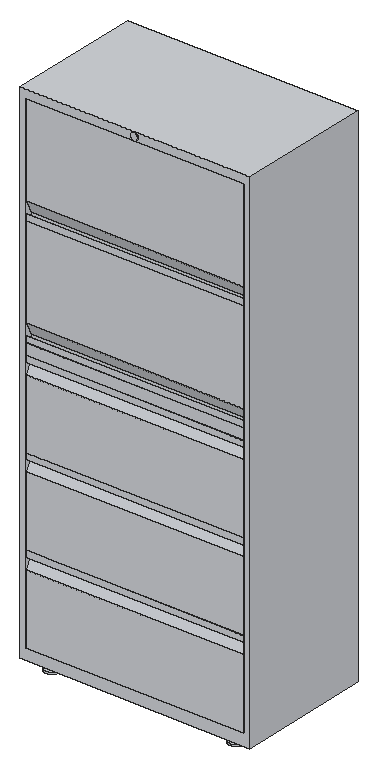
Revit family
Parameters (values of type "08C542BT.3H")
  Width = 800 mm
  Tie Bar = Width - 40 mm  # 760 mm
  Manufacturer = ""
  Height = 1807 mm
  Flipper Width = Width - 40 mm  # 760 mm
  Drawer Width = Width - 40 mm  # 760 mm
  Colour [instance] = ""
  Carbon Footprint = 0
Types (3, lengths in mm): name | Width | Tie Bar | Flipper Width | Drawer Width
  (no name) | 800 | 760 | 760 | 760
  08C542BT.3H | 800 | 760 | 760 | 760
  10C542BT.3H | 1000 | 960 | 960 | 960
Reference planes
  plane 1 "Center (Front/Back)": y = 0
  plane 2: z = 0
  plane 3 "Center (Left/Right)": x = 0
  plane 4: y = 235
  plane 5: y = -235
  plane 6: x = -400
  plane 7: x = 400
  plane 8: z = 1807
  plane 9: z = 4
  plane 10: z = 25
  plane 11: z = 65
  plane 12: z = 1777
  plane 13: x = -380
  plane 14: x = 380
  plane 15: x = -320
  plane 16: x = 320
  plane 17: y = -195
  plane 18: y = 195
  plane 19: y = 233
  plane 20: y = -215
  plane 21: y = -237
  plane 22: z = 1792
  plane 23: z = 1776
Forms (mm)
  Extrusion 1, solid
    sketch origin (0, 0, 0) x (1, 0, 0) y (0, 0, 1)
      loop
        line (-400, 1807) -> (-400, 25) -> (400, 25) -> (400, 1807) -> (-400, 1807)
      loop
        line (-380, 1777) -> (-380, 65) -> (380, 65) -> (380, 1777) -> (-380, 1777)
    from -235 to 235
  Extrusion 2, solid
    sketch origin (0, 0, 0) x (1, 0, 0) y (0, 0, 1)
      loop
        line (-380, 1777) -> (-380, 65) -> (380, 65) -> (380, 1777) -> (-380, 1777)
    from -235 to -233
  Extrusion 3, solid
    sketch origin (0, 0, 0) x (1, 0, 0) y (0, 1, 0)
      loop
        circle (-320, 195) r 25
      loop
        circle (320, 195) r 25
      loop
        circle (320, -195) r 25
      loop
        circle (-320, -195) r 25
    from 0 to 4
  Extrusion 4, solid
    sketch origin (0, 0, 0) x (1, 0, 0) y (0, 1, 0)
      loop
        circle (-320, 195) r 5
      loop
        circle (320, 195) r 5
      loop
        circle (320, -195) r 5
      loop
        circle (-320, -195) r 5
    from 4 to 25
  Extrusion 5, solid
    sketch origin (0, 0, 0) x (1, 0, 0) y (0, 0, 1)
      loop
        circle (0, 1792) r 11.963
    from 235 to 237
Dimensions and locks
  plane 4 to plane 1 "Center (Front/Back)" to plane 5 = 235 mm locked, 235 mm locked
  equal spacing: plane 6, plane 3 "Center (Left/Right)", plane 7
  "Width": plane 6 to plane 7
  locked: plane 9 to plane 2 at 4
  locked: plane 10 to plane 9 at 21
  locked: plane 11 to plane 10 at 40
  locked: plane 8 to plane 12 at 30
  "Height": plane 8 to plane 2
  locked: plane 13 to plane 6 at 20
  locked: plane 7 to plane 14 at 20
  locked: plane 4 to plane 18 at 40
  locked: plane 17 to plane 5 at 40
  locked: plane 16 to plane 14 at 60
  locked: plane 13 to plane 15 at 60
  locked: plane 4 to plane 19 at 2
  locked: plane 20 to plane 5 at 20
  locked: plane 5 to plane 21 at 2
  plane 8 to plane 22 to plane 12 = 15 mm, 15 mm
  locked: nested 1 to plane 11 at 1
  locked: nested 1 to plane 13 at 1
  locked: plane 14 to nested 1 at 1
  equal spacing: group 1, group 2, group 3  (x3)
  locked: plane 12 to plane 23 at 1
  group 4 to group 5 = 0 mm  (x2)
  group 4 to group 5 = 380 mm
  locked: nested 5 to nested 4 at 1
  locked: nested 6 to nested 5 at 1
  locked: Extrusion 1 to nested 6 at 1
  radius of Extrusion 3 sketch curve = 25 mm
  aligned and locked: level to plane 2
  aligned and locked: Extrusion 1 sketch curve to plane 8
  aligned and locked: plane 6 to Extrusion 1 sketch curve
  aligned and locked: plane 10 to Extrusion 1 sketch curve
  aligned and locked: Extrusion 1 sketch curve to plane 7
  aligned and locked: Extrusion 1 sketch curve to plane 12
  aligned and locked: plane 13 to Extrusion 1 sketch curve
  aligned and locked: plane 11 to Extrusion 1 sketch curve
  aligned and locked: Extrusion 1 sketch curve to plane 14
  aligned and locked: plane 4 to Extrusion 1
  aligned and locked: Extrusion 1 to plane 5
  aligned and locked: Extrusion 2 sketch curve to Extrusion 1  (x4)
  aligned and locked: Extrusion 2 to plane 19
  aligned and locked: plane 9 to Extrusion 3
  aligned and locked: Extrusion 5 to plane 21
  aligned and locked: plane 5 to Extrusion 5
Automatic sketch dimensions
  Extrusion 3 sketch curve to plane 15 = 0 mm  (x2)
  Extrusion 3 sketch curve to plane 16 = 0 mm  (x2)
  Extrusion 3 sketch curve to plane 17 = 0 mm  (x2)
  Extrusion 3 sketch curve to plane 18 = 0 mm  (x2)
  Extrusion 4 sketch curve to plane 15 = 0 mm  (x2)
  Extrusion 4 sketch curve to plane 16 = 0 mm  (x2)
  Extrusion 4 sketch curve to plane 17 = 0 mm  (x2)
  Extrusion 4 sketch curve to plane 18 = 0 mm  (x2)
  Extrusion 5 sketch curve to plane 3 "Center (Left/Right)" = 0 mm
  Extrusion 5 sketch curve to plane 22 = 0 mm
  radius of Extrusion 3 sketch curve = 25 mm  (x3)
  radius of Extrusion 4 sketch curve = 5 mm  (x4)
  radius of Extrusion 5 sketch curve = 11.963 mm
Nested families
  nested 1: "12 Inch Drawer" at (0, -225, 65), type "12 Inch Drawer"
  nested 2: "12 Inch Drawer" at (0, -225, 369), type "12 Inch Drawer"
  nested 3: "12 Inch Drawer" at (0, -225, 673), type "12 Inch Drawer"
  nested 4: "Tie Bar" at (0, -1, 978), type "Tie Bar"
  nested 5: "15 Inch Flipper" at (0, -225, 1016), type "15 Inch Flipper"
  nested 6: "15 Inch Flipper" at (0, -225, 1396), type "15 Inch Flipper"
Definition of nested family "12 Inch Drawer"
  Parameters (values of type "12 Inch Drawer")
    Drawer Width = 760 mm
    Drawer Height = 305 mm
  Reference planes
    plane 1 "Center (Front/Back)": y = 0
    plane 2: z = 0
    plane 3 "Center (Left/Right)": x = 0
    plane 4: x = -380
    plane 5: x = 380
    plane 6: x = -379
    plane 7: x = 379
    plane 8: y = 10
    plane 9: y = -10
    plane 10: z = 305
    plane 11: z = 304
    plane 12: z = 1
    plane 13: x = -378
    plane 14: x = 378
    plane 15: z = 303
    plane 16: z = 284
    plane 17: z = 244
    plane 18: y = -9
    plane 19: y = 9
  Forms (mm)
    Extrusion 1, solid
      sketch origin (0, 0, 0) x (1, 0, 0) y (0, 0, 1)
        loop
          line (-379, 1) -> (379, 1) -> (379, 304) -> (-379, 304) -> (-379, 1)
      from -10 to 10
    Extrusion 2, void
      sketch origin (0, 0, 0) x (0, 1, 0) y (0, 0, 1)
        loop
          line (-10, 284) -> (-10, 244) -> (9, 284) -> (9, 303) -> (-9, 303) -> (-9, 284) -> (-10, 284)
      from -378 to 378
  Cuts and joins
    Extrusion 2 cuts Extrusion 1
  Dimensions and locks
    "Drawer Width": plane 4 to plane 5
    equal spacing: plane 4, plane 3 "Center (Left/Right)", plane 5
    locked: plane 4 to plane 6 at 1
    locked: plane 7 to plane 5 at 1
    locked: plane 8 to plane 9 at 20
    equal spacing: plane 8, plane 1 "Center (Front/Back)", plane 9
    "Drawer Height": plane 10 to level
    locked: plane 10 to plane 11 at 1
    locked: plane 12 to level at 1
    locked: Extrusion 1 to plane 14 at 1
    locked: Extrusion 1 to plane 13 at 1
    locked: plane 11 to plane 15 at 1
    locked: plane 15 to plane 16 at 19
    locked: plane 16 to plane 17 at 40
    locked: plane 9 to plane 18 at 1
    locked: plane 19 to plane 8 at 1
    plane 10 to plane 11 to plane 15 to plane 16 to plane 17 to plane 12 = 1 mm, 1 mm, 19 mm, 40 mm, 243 mm
    locked: plane 6 to plane 13 at 1
    locked: plane 14 to plane 7 at 1
    aligned and locked: level to plane 2
    aligned and locked: plane 7 to Extrusion 1
    aligned and locked: plane 11 to Extrusion 1
    aligned and locked: Extrusion 1 to plane 6
    aligned and locked: Extrusion 1 to plane 12
    aligned and locked: Extrusion 1 to plane 9
    aligned and locked: plane 8 to Extrusion 1
    aligned and locked: plane 15 to Extrusion 2
    aligned and locked: plane 19 to Extrusion 2
    aligned and locked: Extrusion 2 to plane 9
    aligned and locked: plane 16 to Extrusion 2
    aligned and locked: Extrusion 2 to plane 13
    aligned and locked: plane 14 to Extrusion 2
  Automatic sketch dimensions
    Extrusion 1 sketch curve to plane 6 = 0 mm
    Extrusion 1 sketch curve to plane 7 = 0 mm
    Extrusion 1 sketch curve to plane 12 = 0 mm
    Extrusion 1 sketch curve to plane 11 = 0 mm
    Extrusion 2 sketch curve to plane 9 = 0 mm
    Extrusion 2 sketch curve to plane 18 = 0 mm
    Extrusion 2 sketch curve to plane 16 = 0 mm  (x2)
    Extrusion 2 sketch curve to plane 19 = 0 mm
    Extrusion 2 sketch curve to plane 17 = 0 mm
    Extrusion 2 sketch curve to plane 15 = 0 mm
Definition of nested family "Tie Bar"
  Parameters (values of type "Tie Bar")
    Tie Bar Width = 760 mm
  Reference planes
    plane 1 "Center (Front/Back)": y = 0
    plane 2: z = 0
    plane 3 "Center (Left/Right)": x = 0
    plane 4: x = -380
    plane 5: x = 380
    plane 6: y = 234
    plane 7: y = -234
    plane 8: z = 38
    plane 9: x = -379
    plane 10: x = 379
  Forms (mm)
    Extrusion 1, solid
      sketch origin (0, 0, 0) x (1, 0, 0) y (0, 1, 0)
        loop
          line (-379, -234) -> (379, -234) -> (379, 234) -> (-379, 234) -> (-379, -234)
      from 0 to 38
  Dimensions and locks
    equal spacing: plane 4, plane 3 "Center (Left/Right)", plane 5
    "Tie Bar Width": plane 4 to plane 5
    locked: plane 8 to plane 2 at 38
    plane 6 to plane 7 = 468 mm
    equal spacing: plane 6, plane 1 "Center (Front/Back)", plane 7
    locked: plane 4 to plane 9 at 1
    locked: plane 10 to plane 5 at 1
    aligned and locked: level to plane 2
    aligned and locked: Extrusion 1 sketch curve to plane 7
    aligned and locked: Extrusion 1 sketch curve to plane 9
    aligned and locked: plane 6 to Extrusion 1 sketch curve
    aligned and locked: plane 10 to Extrusion 1 sketch curve
    aligned and locked: Extrusion 1 to level
    aligned and locked: plane 8 to Extrusion 1
Definition of nested family "15 Inch Flipper"
  Parameters (values of type "15 Inch Flipper")
    Flipper Width = 760 mm
    Flipper Height = 381 mm
  Reference planes
    plane 1 "Center (Front/Back)": y = 0
    plane 2: z = 0
    plane 3 "Center (Left/Right)": x = 0
    plane 4: x = -380
    plane 5: x = 380
    plane 6: x = -379
    plane 7: x = 379
    plane 8: y = 10
    plane 9: y = -10
    plane 10: z = 381
    plane 11: z = 380
    plane 12: z = 1
    plane 13: x = -378
    plane 14: x = 378
    plane 15: z = 2
    plane 16: z = 21
    plane 17: z = 61
    plane 18: y = -9
    plane 19: y = 9
  Forms (mm)
    Extrusion 1, solid
      sketch origin (0, 0, 0) x (1, 0, 0) y (0, 0, 1)
        loop
          line (-379, 1) -> (379, 1) -> (379, 380) -> (-379, 380) -> (-379, 1)
      from -10 to 10
    Extrusion 2, void
      sketch origin (0, 0, 0) x (0, 1, 0) y (0, 0, 1)
        loop
          line (-10, 61) -> (-10, 21) -> (-9, 21) -> (-9, 2) -> (9, 2) -> (9, 21) -> (-10, 61)
      from -378 to 378
  Cuts and joins
    Extrusion 2 cuts Extrusion 1
  Dimensions and locks
    "Flipper Width": plane 4 to plane 5
    equal spacing: plane 4, plane 3 "Center (Left/Right)", plane 5
    locked: plane 4 to plane 6 at 1
    locked: plane 7 to plane 5 at 1
    locked: plane 8 to plane 9 at 20
    equal spacing: plane 8, plane 1 "Center (Front/Back)", plane 9
    "Flipper Height": plane 10 to level
    locked: plane 10 to plane 11 at 1
    locked: plane 12 to level at 1
    locked: Extrusion 1 to plane 14 at 1
    locked: Extrusion 1 to plane 13 at 1
    plane 10 to plane 11 to plane 12 = 1 mm, 379 mm
    locked: plane 6 to plane 13 at 1
    locked: plane 14 to plane 7 at 1
    locked: plane 15 to plane 12 at 1
    locked: plane 16 to plane 15 at 19
    locked: plane 17 to plane 16 at 40
    locked: plane 9 to plane 18 at 1
    locked: plane 19 to plane 8 at 1
    aligned and locked: level to plane 2
    aligned and locked: plane 7 to Extrusion 1
    aligned and locked: plane 11 to Extrusion 1
    aligned and locked: Extrusion 1 to plane 6
    aligned and locked: Extrusion 1 to plane 12
    aligned and locked: Extrusion 1 to plane 9
    aligned and locked: plane 8 to Extrusion 1
    aligned and locked: Extrusion 2 to plane 15
    aligned and locked: Extrusion 2 to plane 19
    aligned and locked: plane 18 to Extrusion 2
    aligned and locked: Extrusion 2 to plane 16
    aligned and locked: Extrusion 2 to plane 9
    aligned and locked: Extrusion 2 to plane 13
    aligned and locked: plane 14 to Extrusion 2
  Automatic sketch dimensions
    Extrusion 1 sketch curve to plane 6 = 0 mm
    Extrusion 1 sketch curve to plane 7 = 0 mm
    Extrusion 1 sketch curve to plane 12 = 0 mm
    Extrusion 1 sketch curve to plane 11 = 0 mm
    Extrusion 2 sketch curve to plane 9 = 0 mm
    Extrusion 2 sketch curve to plane 15 = 0 mm
    Extrusion 2 sketch curve to plane 18 = 0 mm
    Extrusion 2 sketch curve to plane 16 = 0 mm  (x2)
    Extrusion 2 sketch curve to plane 19 = 0 mm
    Extrusion 2 sketch curve to plane 17 = 0 mm
